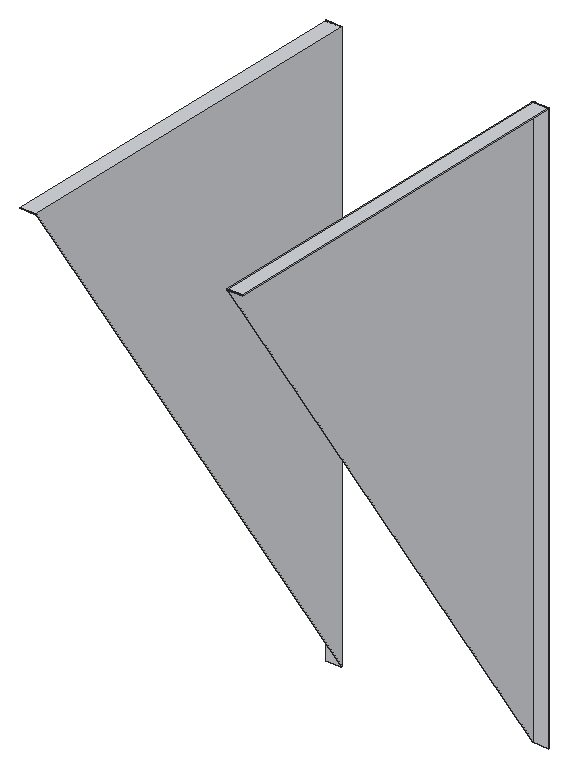
Revit family "duct_wall_bracket", category Generic Models, Revit 2024
Family settings
  Can host rebar = No
  Round Connector Dimension = Use Diameter
  Part Type = Normal
  Work Plane-Based = No
  Always vertical = Yes
  Cut with Voids When Loaded = No
  Maintain Annotation Orientation = No
  Shared = No
  Room Calculation Point = No
Parameters
  Material [instance] = none
  Heigth [instance] = 6' - 0"
  FlangeWidth = 0' - 2"
  DuctWidth [instance] = 2' - 0"
  Default Elevation = 0' - 0"
  CantLength [instance] = 4' - 0"
Reference planes (in)
  plane 1 "Center (Front/Back)": y = 0
  plane 2: z = 0
  plane 3 "Center (Left/Right)": x = 0
  plane 4: x = -12
  plane 5: x = 12
  plane 6: x = -10
  plane 7: x = 14
  plane 8: y = -48
  plane 9: z = -72
Dimensions and locks (in)
  equal spacing: plane 4, plane 3 "Center (Left/Right)", plane 5
  "DuctWidth": plane 4 to plane 5
  "FlangeWidth": plane 4 to plane 6
  "FlangeWidth": plane 5 to plane 7
  "CantLength": plane 1 "Center (Front/Back)" to plane 8
  "Heigth": level to plane 9
  aligned and locked: plane 2 to level
  aligned and locked: nested 1 to plane 4
  aligned and locked: nested 2 to plane 5
  aligned and locked: nested 1 to plane 1 "Center (Front/Back)"
  aligned and locked: plane 1 "Center (Front/Back)" to nested 2
  aligned and locked: nested 1 to level
  aligned and locked: level to nested 2
Nested families (in)
  nested 1: "bracket_triangle" at (-12, 0, -36) x (-1, 0, 0) z (0, -1, 0), FlangeLenth <- "FlangeWidth", Heigth <- "CantLength", Width <- "Heigth", Material <- "Material", type "bracket_triangle"
    with Width 6' - 0", Thickness 0' - 0 1/16", Heigth 4' - 0", FlangeLenth 0' - 2"
  nested 2: "bracket_triangle" at (12, 0, -36) x (1, 0, 0) z (0, -1, 0), FlangeLenth <- "FlangeWidth", Heigth <- "CantLength", Width <- "Heigth", Material <- "Material", type "bracket_triangle"
    with Width 6' - 0", Thickness 0' - 0 1/16", Heigth 4' - 0", FlangeLenth 0' - 2"
Definition of nested family "bracket_triangle"
  Parameters (values of type "bracket_triangle")
    Width [instance] = 2' - 0"
    Thickness [instance] = 0' - 0 1/16"
    Material [instance] = none
    Heigth [instance] = 3' - 0"
    FlangeLenth [instance] = 0' - 3"
    Default Elevation = 4' - 0"
  Reference planes (in)
    plane 1 "Center (Front/Back)": y = 0
    plane 2: z = 0
    plane 3 "Center (Left/Right)": x = 0
    plane 4: z = 36
    plane 5: y = 12
    plane 6: y = -12
    plane 7: x = 3
    plane 8: x = 3
    plane 9: x = -4.24863
    plane 10: x = 7.75
  Forms (in)
    Extrusion 1, solid
      sketch origin (0, 0, 0) x (1, 0, 0) y (0, 1, 0)
        loop
          line (-48, 48) -> (-48, -48) -> (48, -48) -> (48, 48) -> (-48, 48)
      from 0 to -12
    Extrusion 2, solid, material <- "Material"
      sketch origin (0, 0, 0) x (1, 0, 0) y (0, 1, 0)
        loop
          line (0.03125, 12) -> (0.03125, -12) -> (3, -12) -> (3, 12) -> (0.03125, 12)
      from 0 to 0.0625 <- "Thickness"
    Extrusion 3, solid, material <- "Material"
      sketch origin (-9.32947, -12, 48) x (-1, 0, 0) y (0, 0, 1)
        loop
          line (-12.32947, -12) -> (-12.32947, -48) -> (-9.32947, -48) -> (-9.32947, -12) -> (-12.32947, -12)
      from 0 to 0.0625 <- "Thickness"
  Dimensions and locks (in)
    "Heigth": plane 4 to Extrusion 1
    equal spacing: plane 5, plane 1 "Center (Front/Back)", plane 6
    "Width": plane 5 to plane 6
    "FlangeLenth": plane 3 "Center (Left/Right)" to plane 7
    "FlangeLenth": plane 3 "Center (Left/Right)" to plane 8
    aligned and locked: plane 2 to Extrusion 1
    aligned and locked: level to Extrusion 1
    aligned and locked: plane 3 "Center (Left/Right)" to nested 1
    aligned and locked: plane 1 "Center (Front/Back)" to nested 1
    aligned and locked: Extrusion 2 sketch curve to nested 1  (x2)
    aligned and locked: plane 6 to Extrusion 2 sketch curve
    aligned and locked: Extrusion 2 sketch curve to plane 7
    aligned and locked: Extrusion 3 sketch curve to plane 4
    aligned and locked: Extrusion 1 to Extrusion 3 sketch curve
    aligned and locked: plane 3 "Center (Left/Right)" to Extrusion 3 sketch curve
  Automatic sketch dimensions
    Extrusion 1 sketch curve to Extrusion 1 sketch curve = 8' - 0"  (x2)
    plane 8 to Extrusion 3 sketch curve = 0' - 0"
  Nested families (in)
    nested 1: "sm_triangle" at (0, 0, 0), length <- "Heigth", width <- "Width", thickness <- "Thickness", material <- "Material", type "sm_triangle"
      with width 2' - 0", thickness 0' - 0 1/16", length 3' - 0"
  Definition of nested family "sm_triangle"
    Parameters (values of type "sm_triangle")
      width [instance] = 1' - 0"
      thickness [instance] = 0' - 0 1/16"
      material [instance] = none
      length [instance] = 3' - 0"
      Default Elevation = 4' - 0"
    Reference planes (in)
      plane 1 "Center (Front/Back)": y = 0
      plane 2: z = 0
      plane 3 "Center (Left/Right)": x = 0
      plane 4: y = 6
      plane 5: z = 36
      plane 6: y = -6
      plane 7: x = -0.03125
      plane 8: x = 0.03125
    Forms (in)
      Extrusion 1, solid
        sketch origin (0, 0, 0) x (1, 0, 0) y (0, 1, 0)
          loop
            line (-48, 48) -> (-48, -48) -> (48, -48) -> (48, 48) -> (-48, 48)
        from 0 to -12
      Extrusion 2, solid, material <- "material"
        sketch origin (-0.03125, 4.47618, 48) x (0, 1, 0) y (0, 0, 1)
          loop
            line (1.52382, -48) -> (-10.47618, -12) -> (-10.47618, -48) -> (1.52382, -48)
        from 0 to 0.0625 <- "thickness"
    Dimensions and locks (in)
      equal spacing: plane 4, plane 1 "Center (Front/Back)", plane 6  (x2)
      "length": plane 5 to Extrusion 1
      "thickness": plane 7 to plane 8
      equal spacing: plane 7, plane 3 "Center (Left/Right)", plane 8
      plane 6 to plane 4 = 1' - 0"
      "width": plane 4 to plane 6
      aligned and locked: plane 2 to Extrusion 1
      aligned and locked: level to Extrusion 1
      aligned and locked: Extrusion 2 sketch curve to plane 6
      aligned and locked: Extrusion 1 to Extrusion 2 sketch curve
      aligned and locked: plane 5 to Extrusion 2 sketch curve
    Automatic sketch dimensions
      Extrusion 1 sketch curve to Extrusion 1 sketch curve = 8' - 0"  (x2)
      Extrusion 2 sketch curve to plane 4 = 0' - 0"
